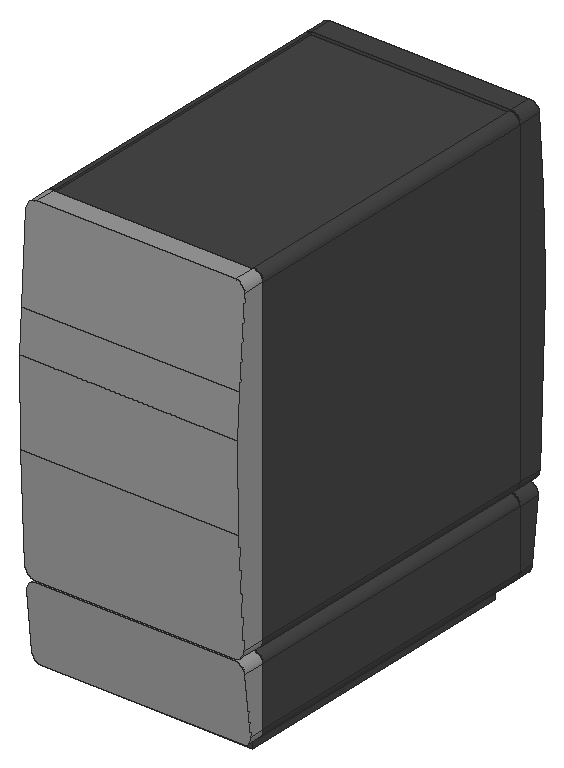
Revit family "Franke_Kühleinheit_SU05_CM-A200_FM_CM", category Sonderausstattung, Revit 2015
Parameters (values of type "Kühleinheit SU05 CM - A200 FM CM(220-240V/anthrazit/EU)")
  URL = "http://www.franke.com/main/de/cs/produkte/produktsuche/produktsuche.html#akCache=true&p=1&t=grid&f=cat14_3210"
  Tiefe = 475 mm
  Temperaturberecih = "+ 3° C bis +8° C"
  Spannung min. = 220 V
  Spannung max. = 240 V
  Sicherung = "16 A"
  Netzfrequenz alternativ = 60 Hz
  Netzfrequenz = 50 Hz
  Modell = "410871 - Kühleinheit SU05 CM - A200 FM CM"
  Milchvorrat = "5 l"
  Leistung min. = 1900 W
  Leistung max. = 2300 W
  Kosten = 0
  Höhe = 544 mm
  Hersteller = "Franke"
  Energieverlust nach DIN18873 = "0.460 kWh/24 h - 230 V"
  Breite = 270 mm
  Beschreibung = "Beistellgerät Kühleinheit SU05 dient zum Aufbewahren von vorgekühlter Milch"
  Assembly Code = "Beistellgerät Kühleinheit SU05"
  Keynote = "Beistellgerät Kühleinheit SU05"
  Aufstellgewicht = "25 kg"
  Anzahl von Polen = 1
  Anzahl der Schutzleiter = "1"
  Anzahl der Nullleiter = "1"
  Abdeckung = Franke Anthrazit
Types (3, lengths in mm): name | Abdeckung
  (no name) | Franke Anthrazit
  Kühleinheit SU05 CM - A200 FM CM(220-240V/black line/EU) | Franke Black
  Kühleinheit SU05 CM - A200 FM CM(220-240V/anthrazit/EU) | Franke Anthrazit
Reference planes
  plane 1 "Mitte (Vorne/Hinten)": y = 0
  plane 2: z = 0
  plane 3 "Mitte (Links/Rechts)": x = 0
Forms (mm)
  Extrusion 1, solid, material "Franke Black"
    sketch origin (0, 0, -42) x (1, 0, 0) y (0, 0, 1)
      loop
        line (123, 586) -> (-123, 586)
        arc (-123, 586) -> (-131.485, 582.485) -> (-135, 574) r 12
        line (-135, 574) -> (-135, 178)
        arc (-135, 178) -> (-131.485, 169.515) -> (-123, 166) r 12
        line (-123, 166) -> (123, 166)
        arc (123, 166) -> (131.485, 169.515) -> (135, 178) r 12
        line (135, 178) -> (135, 574)
        arc (135, 574) -> (131.485, 582.485) -> (123, 586) r 12
      loop
        arc (-135, 78) -> (-131.485, 69.515) -> (-123, 66) r 12
        line (-123, 66) -> (123, 66)
        arc (123, 66) -> (131.485, 69.515) -> (135, 78) r 12
        line (135, 78) -> (135, 151)
        arc (135, 151) -> (131.485, 159.485) -> (123, 163) r 12
        line (123, 163) -> (-123, 163)
        arc (-123, 163) -> (-131.485, 159.485) -> (-135, 151) r 12
        line (-135, 151) -> (-135, 78)
    from -198.03 to 198.03
  Extrusion 2, solid, material "Franke Black"
    sketch origin (0, 0, -42) x (1, 0, 0) y (0, 0, 1)
      loop
        line (-114, 66) -> (-114, 46) -> (114, 46) -> (114, 66) -> (-114, 66)
    from -186.97 to 188.03
  Extrusion 3, solid, material "Franke Anthrazit" <- "Abdeckung"
    sketch origin (0, 0, -42) x (0, 1, 0) y (0, 0, 1)
      loop
        line (-199.53, 586) -> (-226.03, 586)
        arc (-226.03, 586) -> (-230.318, 527.256) -> (-234.387, 468.497) r 15843.742
        arc (-234.387, 468.497) -> (-235.812, 442.176) -> (-236.543, 415.826) r 1000
        arc (-236.543, 415.826) -> (-236.783, 362.852) -> (-235.96, 309.883) r 2640.505
        arc (-235.96, 309.883) -> (-232.928, 237.872) -> (-227.52, 166) r 2182.336
        line (-227.52, 166) -> (-199.53, 166) -> (-199.53, 586)
      loop
        arc (-227.242, 163) -> (-222.173, 114.438) -> (-216.03, 66) r 2207.212
        line (-216.03, 66) -> (-199.53, 66) -> (-199.53, 163) -> (-227.242, 163)
    from -135 to 135
  Extrusion 4, solid, material "Franke Black"
    sketch origin (0, 0, -42) x (1, 0, 0) y (0, 0, 1)
      loop
        line (-120, 576) -> (-120, 66) -> (120, 66) -> (120, 576) -> (-120, 576)
    from 198.03 to 199.53
  Extrusion 5, solid, material "Franke Black"
    sketch origin (0, 397.56, -42) x (1, 0, 0) y (0, 0, 1)
      loop
        line (-120, 576) -> (-120, 66) -> (120, 66) -> (120, 576) -> (-120, 576)
    from 198.03 to 199.53
  Extrusion 6, solid, material "Franke Black"
    sketch origin (0, 0, -42) x (1, 0, 0) y (0, 1, 0)
      loop
        line (-107.375, 116.841) -> (-107.375, 95.391) -> (-90.625, 95.391) -> (-90.625, 116.841) -> (-107.375, 116.841)
      loop
        line (-107.375, -98.159) -> (-107.375, -119.609) -> (-90.625, -119.609) -> (-90.625, -98.159) -> (-107.375, -98.159)
      loop
        line (107.375, 116.841) -> (90.625, 116.841) -> (90.625, 95.391) -> (107.375, 95.391) -> (107.375, 116.841)
      loop
        line (107.375, -98.159) -> (90.625, -98.159) -> (90.625, -119.609) -> (107.375, -119.609) -> (107.375, -98.159)
    from 42 to 46
  Extrusion 7, solid, material "Franke Black"
    sketch origin (0, 0, -42) x (0, 1, 0) y (0, 0, 1)
      loop
        line (228.03, 586) -> (199.53, 586) -> (199.53, 166) -> (227.909, 166)
        arc (227.909, 166) -> (234.785, 268.409) -> (237.114, 371.022) r 2314.482
        arc (237.114, 371.022) -> (237.115, 384.228) -> (237.104, 397.434) r 15169.055
        arc (237.104, 397.434) -> (236.381, 442.975) -> (234.325, 488.477) r 1555
        arc (234.325, 488.477) -> (231.291, 537.246) -> (228.03, 586) r 10528.092
      loop
        line (199.53, 66) -> (216.03, 66)
        arc (216.03, 66) -> (222.776, 114.386) -> (227.62, 163) r 1246.054
        line (227.62, 163) -> (199.53, 163) -> (199.53, 66)
    from -135 to 135
  Extrusion 8, void
    sketch origin (0, 0, -42) x (1, 0, 0) y (0, 0, 1)
      loop
        line (-123, 586) -> (-123, 596) -> (-145, 596) -> (-145, 574) -> (-135, 574)
        arc (-135, 574) -> (-131.485, 582.485) -> (-123, 586) r 12
      loop
        arc (123, 586) -> (131.485, 582.485) -> (135, 574) r 12
        line (135, 574) -> (145, 574) -> (145, 596) -> (123, 596) -> (123, 586)
      loop
        arc (-123, 166) -> (-131.485, 169.515) -> (-135, 178) r 12
        line (-135, 178) -> (-145, 178) -> (-145, 151) -> (-135, 151)
        arc (-135, 151) -> (-131.485, 159.485) -> (-123, 163) r 12
        line (-123, 163) -> (-123, 166)
      loop
        line (123, 66) -> (123, 56) -> (145, 56) -> (145, 78) -> (135, 78)
        arc (135, 78) -> (131.485, 69.515) -> (123, 66) r 12
      loop
        arc (-123, 66) -> (-131.485, 69.515) -> (-135, 78) r 12
        line (-135, 78) -> (-145, 78) -> (-145, 56) -> (-123, 56) -> (-123, 66)
      loop
        line (123, 166) -> (123, 163)
        arc (123, 163) -> (131.485, 159.485) -> (135, 151) r 12
        line (135, 151) -> (145, 151) -> (145, 178) -> (135, 178)
        arc (135, 178) -> (131.485, 169.515) -> (123, 166) r 12
    from -299.15 to 303.805
  Extrusion 9, void
    sketch origin (0, 0, -42) x (1, 0, 0) y (0, 1, 0)
      loop
        circle (-92.5, 137.316) r 16
      loop
        circle (-92.5, -140.084) r 16
      loop
        circle (92.5, 137.316) r 16
      loop
        circle (92.5, -140.084) r 16
    from 18.481 to 51
  Extrusion 10, solid, material "Franke Stahl, verchromt"
    sketch origin (0, 0, 0) x (1, 0, 0) y (0, 1, 0)
      loop
        circle (0, 157.898) r 2.5
    from 0 to 4
  Extrusion 11, void
    sketch origin (-662.928, -2000, 0) x (1, 0, 0) y (0, 1, 0)
      loop
        line (539.928, 1766.374) -> (785.928, 1766.374) -> (785.928, 2217.396) -> (539.928, 2217.396) -> (539.928, 1766.374)
    from 542.002 to 621.958
Cuts and joins
  Extrusion 8 cuts Extrusion 7
  Extrusion 9 cuts Extrusion 2
  Extrusion 8 cuts Extrusion 3
  Extrusion 11 cuts Extrusion 1
Dimensions and locks
  aligned and locked: level to plane 2
Connectors
  electrical at (0, 157.898, 0), driven by "Anzahl von Polen", driven by "Spannung max."
    settings: on Extrusion 10, index 1, voltage 240 V, apparent load 0 VA, apparent load phase1 0 VA, apparent load phase2 0 VA, apparent load phase3 0 VA, power factor 1, load classification "Strom", number of poles 1, system type 31, power factor state 1, is connector primary yes, connector utility no, sub classification motor no, connector description ""
